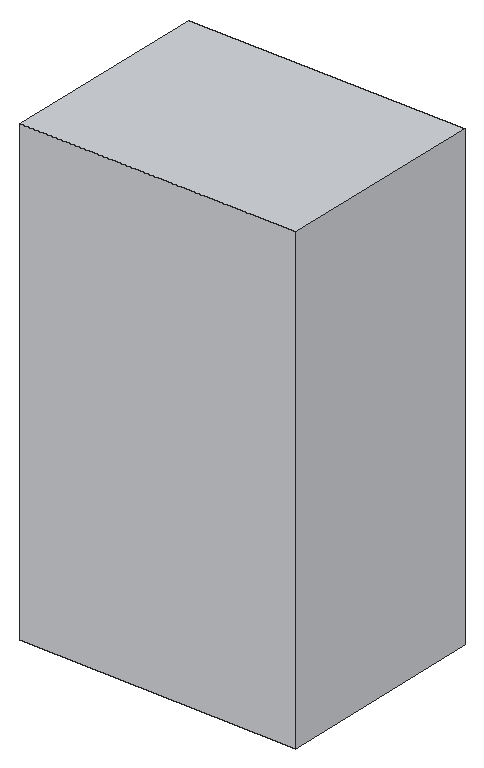
Revit family
Parameters
  Warranty Duration (Years) = 0
  URL = "http://www.americanspecialties.com/viewCategories.cfm"
  Baby Changing Station [instance] = ARCAT - Plastic, ABS - White
  Test Data = ""
  Specification = "http://www.arcat.com/sdspecs/htm/10810asi.htm"
  SpecWizard = ""
  Send Message = "http://www.arcat.com/users.pl?action=UserEmail&company=American%20Specialties,%20Inc.&coid=30448&rep=139&fax=914-476-0688&mf="
  Sales Information = "http://www.americanspecialties.com/contact"
  Revision = "R1_10-2010"
  Product Properties = "http://www.americanspecialties.com/datasheets/9013-91.pdf"
  Product Data = "http://www.arcat.com/arcatcos/cos30/arc30448.html"
  Model = "As Specified in 10 28 13"
  Manufacturer Website = "http://www.americanspecialties.com/viewCategories.cfm"
  Manufacturer Phone - Toll Free = ""
  Manufacturer Phone = "914-476-9000 "
  Manufacturer Fax = "914-476-0688"
  Manufacturer Address = "441 Saw Mill River Rd., Yonkers, NY 10701"
  Manufacturer = "American Specialties, Inc."
  Maintenance Schedule (Months) = 0
  Keynote = "10 28 13"
  Installation-Fabrication = "http://www.americanspecialties.com/products.cfm"
  Green Building-LEED = ""
  Expected Lifespan (Years) = 0
  Safety Straps [instance] = ARCAT - Plastic, ABS - Black
  Drawn By = "Robert S. Weygant. CSI, CDT, SCIP"  # constant formula
  Description = "Toilet Accessory as Specified in 10 28 13"
  Default Elevation = 4' - 0"
  Copyright = "©Arcat Inc."
  Construction Details = "http://www.arcat.com/green/clients/leed_data_30448.html"
  Building Codes = "http://www.americanspecialties.com/products.cfm"
  Assembly Code = "C1030210"
Reference planes (in)
  plane 1 "Center (Front/Back)": y = -0.29112
  plane 2 "Floor Line": z = 0
  plane 3 "Center (Left/Right)": x = -0.65843
  plane 4: x = -17.78343
  plane 5: x = 16.46657
  plane 6: y = 12.45888
  plane 7: y = -13.04112
  plane 8: z = 3.625
  plane 9: z = 4
Forms (in)
  Extrusion 1, solid
    sketch origin (-3, -9, -6) x (0, 0, -1) y (1, 0, 0)
      loop
        line (-82, 26) -> (-82, -19.34712) -> (-6, -19.34712) -> (-6, 26) -> (-82, 26)
    from 9 to -25.60721
  Extrusion 2, solid, material "ARCAT - Plastic, ABS - White" <- "Baby Changing Station"
    sketch origin (-2.94291, -2.67641, 0) x (1, 0, 0) y (0, 1, 0)
      loop
        line (20.78448, 15.1353) -> (-16.21552, 15.1353) -> (-16.21552, -10.3647) -> (20.78448, -10.3647) -> (20.78448, 15.1353)
    from 0 to 3.625
  Extrusion 3, solid, material "ARCAT - Plastic, ABS - White" <- "Baby Changing Station"
    sketch origin (0, 0, 3.625) x (1, 0, 0) y (0, 1, 0)
      loop
        arc (-16.53343, 10.83388) -> (-17.24054, 10.54099) -> (-17.53343, 9.83388) r 1
        line (-17.53343, 9.83388) -> (-17.53343, -11.41612) -> (16.21657, -11.41612) -> (16.21657, 9.83388)
        arc (16.21657, 9.83388) -> (15.92367, 10.54099) -> (15.21657, 10.83388) r 1
        line (15.21657, 10.83388) -> (-16.53343, 10.83388)
      loop
        line (-19.15843, 12.45888) -> (-19.15843, -13.04112) -> (17.84157, -13.04112) -> (17.84157, 12.45888) -> (-19.15843, 12.45888)
    from 0 to 0.375
  Extrusion 4, solid, material "ARCAT - Plastic, ABS - White" <- "Baby Changing Station"
    sketch origin (0, 0, 3.625) x (1, 0, 0) y (0, 1, 0)
      loop
        arc (-16.53343, 10.70888) -> (-17.15215, 10.4526) -> (-17.40843, 9.83388) r 0.875
        line (-17.40843, 9.83388) -> (-17.40843, -11.22862) -> (16.09157, -11.22862) -> (16.09157, 9.83388)
        arc (16.09157, 9.83388) -> (15.83528, 10.4526) -> (15.21657, 10.70888) r 0.875
        line (15.21657, 10.70888) -> (-16.53343, 10.70888)
    from 0 to 0.375
  Extrusion 5, solid, material "ARCAT - Plastic, ABS - White" <- "Baby Changing Station"
    sketch origin (0, 0, 3.625) x (1, 0, 0) y (0, 1, 0)
      loop
        arc (-12.15843, 6.70888) -> (-13.57265, 6.1231) -> (-14.15843, 4.70888) r 2
        line (-14.15843, 4.70888) -> (-14.15843, -5.29112)
        arc (-14.15843, -5.29112) -> (-13.57265, -6.70533) -> (-12.15843, -7.29112) r 2
        line (-12.15843, -7.29112) -> (10.84157, -7.29112)
        arc (10.84157, -7.29112) -> (12.25578, -6.70533) -> (12.84157, -5.29112) r 2
        line (12.84157, -5.29112) -> (12.84157, 4.70888)
        arc (12.84157, 4.70888) -> (12.25578, 6.1231) -> (10.84157, 6.70888) r 2
        line (10.84157, 6.70888) -> (-12.15843, 6.70888)
      loop
        line (-12.15843, -3.29112) -> (-2.15843, -3.29112) -> (-2.15843, -0.29112) -> (-12.15843, -0.29112) -> (-12.15843, -3.29112)
      loop
        line (5.84157, -3.29112) -> (10.84157, -3.29112) -> (10.84157, -0.29112) -> (5.84157, -0.29112) -> (5.84157, -3.29112)
    from -3.625 to 0
  Extrusion 6, void
    sketch origin (0.55998, 0, 3.625) x (1, 0, 0) y (0, 1, 0)
      loop
        line (-2.71841, 9.57845) -> (-2.71841, 8.57845) -> (0.28159, 8.57845) -> (0.28159, 9.57845) -> (-2.71841, 9.57845)
    from 0.21113 to 0.375
Cuts and joins
  Extrusion 6 cuts Extrusion 2
  Extrusion 6 cuts Extrusion 3
  Extrusion 6 cuts Extrusion 4
Dimensions and locks (in)
  aligned and locked: cut or joined group of Extrusion 3, Extrusion 6 to plane 8
  aligned and locked: plane 9 to cut or joined group of Extrusion 3, Extrusion 6
